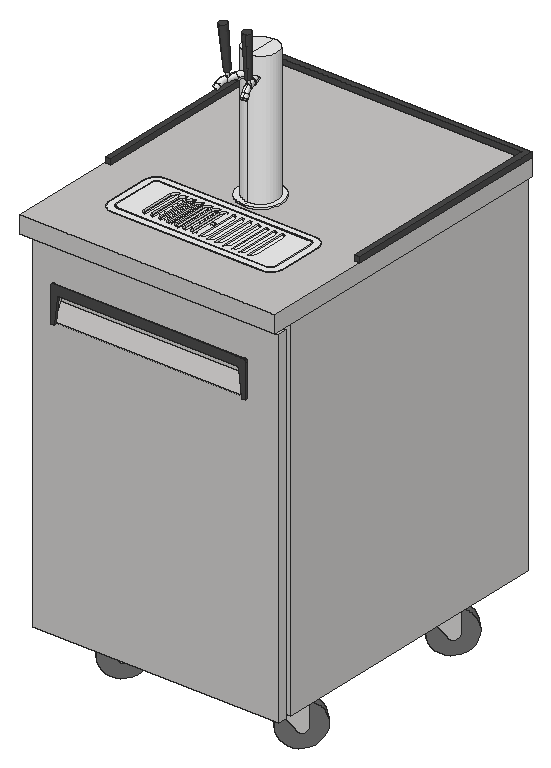
Revit family "QF_Turbo Air_TBD-1", category Specialty Equipment, Revit 2014
Parameters (values of type "TBD-1SD")
  Weight in Pounds = 198
  Watermarked By = ""
  Volts = 115 V
  URL Cutsheet = ""
  URL = "www.turboairinc.com"
  Status [instance] = ""
  Specification by User [instance] = ""
  Specification by Manufacturer [instance] = ""
  Serial Number [instance] = ""
  Right Hinge Door [instance] = yes
  Revision Code [instance] = ""
  Phase = 1
  Number of Poles [instance] = 1
  NAFEM Spec ID Number [instance] = ""
  Model = "TBD-1SD"
  Masterspec [instance] = ""
  Manufacturer = "Turbo Air"  # constant formula
  Left Hinge Door [instance] = not(Right Hinge Door)  # no
  Item Number [instance] = "-"
  Installed By [instance] = ""
  HP = "1/10"
  Furnished By [instance] = ""
  Foodservice Equipment Identifier = yes
  FL Amps = 4 A
  Electrical Remarks [instance] = ""
  Electric Connection Type [instance] = ""
  Elec Conn RI Height [instance] = 0' - 0"
  Elec Conn Connection Height = 0' - 6"
  Description = "Beer Dispenser"
  Cycle = 60 Hz
  Conn Plug = "NEMA 5-15P"
  Casters [instance] = yes
  CasterLeg Height [instance] = 0' - 5"
  CSI MasterFormat = "11 46 13"
  Body Material = QF_Stainless-Polished
  Assembly Code = "E1090320"
  Apparent Power = if(Phase = 3, Volts * FL Amps * 1.73, Volts * FL Amps)  # 460 VA
Reference planes (in)
  plane 1 "BACK": y = 0
  plane 2: z = 0
  plane 3 "LEFT": x = -16.56573
  plane 4 "RIGHT": x = 7.05927
  plane 5 "Base Left": x = -16.19073
  plane 6 "Base Right": x = 6.68427
  plane 7 "FRONT": y = -29.75
  plane 8 "Lower Back": y = 2.375
  plane 9 "Bumpers Back": y = 2
  plane 10 "Box Front": y = -27.375
  plane 11 "Beer Tower FB": y = -16.625
  plane 12 "Rail Front": y = -19.875
  plane 13 "Beer Tower LR": x = -4.75323
  plane 14 "Drain Left": x = -12.81573
  plane 15 "Drain Right": x = 3.30927
  plane 16 "Drain Back": y = -18.9375
  plane 17 "Drain Front": y = -25.25
  plane 18 "Box Bottom": z = 5
  plane 19 "Counter Top": z = 39.5
  plane 20 "Counter Bottom": z = 37.9375
  plane 21 "Rail Top": z = 40
  plane 22 "Door Clearance": y = -50.875
Forms (in)
  Extrusion 1, solid, material "QF_Stainless-Polished"
    sketch origin (0, 0, 37.9375) x (0, 1, 0) y (-1, 0, 0)
      loop
        line (0, 16.56573) -> (-29.75, 16.56573) -> (-29.75, -7.05927) -> (0, -7.05927) -> (0, 16.56573)
      loop
        arc (-18.9375, 11.62823) -> (-19.28531, 12.46791) -> (-20.125, 12.81573) r 1.1875
        line (-20.125, 12.81573) -> (-24.0625, 12.81573)
        arc (-24.0625, 12.81573) -> (-24.90219, 12.46791) -> (-25.25, 11.62823) r 1.1875
        line (-25.25, 11.62823) -> (-25.25, -2.12177)
        arc (-25.25, -2.12177) -> (-24.90219, -2.96146) -> (-24.0625, -3.30927) r 1.1875
        line (-24.0625, -3.30927) -> (-20.125, -3.30927)
        arc (-20.125, -3.30927) -> (-19.28531, -2.96146) -> (-18.9375, -2.12177) r 1.1875
        line (-18.9375, -2.12177) -> (-18.9375, 11.62823)
    from 0 to 1.5625
  Extrusion 2, solid, material "QF_Stainless-Polished" <- "Body Material"
    sketch origin (0, 0, 5) x (0, 1, 0) y (-1, 0, 0)
      loop
        line (0, 16.19073) -> (-27.375, 16.19073) -> (-27.375, -6.68427) -> (0, -6.68427) -> (0, 16.19073)
    from 0 to 32.9375
  Extrusion 3, solid, material "QF_Plastic-Black-Matte"
    sketch origin (0, 0, 39.5) x (0, 1, 0) y (-1, 0, 0)
      loop
        line (0, 16.56573) -> (-19.875, 16.56573) -> (-19.875, 16.06573) -> (-0.5, 16.06573) -> (-0.5, -6.55927) -> (-19.875, -6.55927) -> (-19.875, -7.05927) -> (0, -7.05927) -> (0, 16.56573)
    from 0 to 0.5
  Extrusion 4, solid, material "QF_Plastic-Black-Matte"
    sketch origin (-4.75323, 0, 0) x (0, 1, 0) y (0, 0, 1)
      loop
        line (0, 5) -> (-6.6875, 5) -> (-6.6875, 1.6875) -> (2.375, 1.6875) -> (2.375, 10.875) -> (0, 10.875) -> (0, 5)
    from -7 to 7
  Extrusion 5, solid, material "QF_Plastic-Black-Matte"
    sketch origin (0, 0, 0) x (1, 0, 0) y (0, 0, 1)
      loop
        circle (-10.56573, 35.5) r 0.5
      loop
        circle (1.05927, 35.5) r 0.5
    from 0 to -2
  Extrusion 6, solid, material "QF_Steel-Chrome Plated"
    sketch origin (0, 0, 39.5) x (0, 1, 0) y (-1, 0, 0)
      loop
        arc (-18.9375, 11.62823) -> (-19.28531, 12.46791) -> (-20.125, 12.81573) r 1.1875
        line (-20.125, 12.81573) -> (-24.0625, 12.81573)
        arc (-24.0625, 12.81573) -> (-24.90219, 12.46791) -> (-25.25, 11.62823) r 1.1875
        line (-25.25, 11.62823) -> (-25.25, -2.12177)
        arc (-25.25, -2.12177) -> (-24.90219, -2.96146) -> (-24.0625, -3.30927) r 1.1875
        line (-24.0625, -3.30927) -> (-20.125, -3.30927)
        arc (-20.125, -3.30927) -> (-19.28531, -2.96146) -> (-18.9375, -2.12177) r 1.1875
        line (-18.9375, -2.12177) -> (-18.9375, 11.62823)
      loop
        arc (-19.5625, 11.62823) -> (-19.72725, 12.02597) -> (-20.125, 12.19073) r 0.5625
        line (-20.125, 12.19073) -> (-24.0625, 12.19073)
        arc (-24.0625, 12.19073) -> (-24.46025, 12.02597) -> (-24.625, 11.62823) r 0.5625
        line (-24.625, 11.62823) -> (-24.625, -2.12177)
        arc (-24.625, -2.12177) -> (-24.46025, -2.51952) -> (-24.0625, -2.68427) r 0.5625
        line (-24.0625, -2.68427) -> (-20.125, -2.68427)
        arc (-20.125, -2.68427) -> (-19.72725, -2.51952) -> (-19.5625, -2.12177) r 0.5625
        line (-19.5625, -2.12177) -> (-19.5625, 11.62823)
    from 0 to -0.125
  Extrusion 7, solid, material "QF_Steel-Chrome Plated"
    sketch origin (0, 0, 39.5) x (0, 1, 0) y (-1, 0, 0)
      loop
        arc (-19.625, 11.62823) -> (-19.77145, 11.98178) -> (-20.125, 12.12823) r 0.5
        line (-20.125, 12.12823) -> (-24.0625, 12.12823)
        arc (-24.0625, 12.12823) -> (-24.41605, 11.98178) -> (-24.5625, 11.62823) r 0.5
        line (-24.5625, 11.62823) -> (-24.5625, -2.12177)
        arc (-24.5625, -2.12177) -> (-24.41605, -2.47533) -> (-24.0625, -2.62177) r 0.5
        line (-24.0625, -2.62177) -> (-20.125, -2.62177)
        arc (-20.125, -2.62177) -> (-19.77145, -2.47533) -> (-19.625, -2.12177) r 0.5
        line (-19.625, -2.12177) -> (-19.625, 11.62823)
      loop
        circle (-22.09375, 4.75323) r 0.1875
      loop
        arc (-24.09375, 4.50323) -> (-23.9473, 4.14967) -> (-23.59375, 4.00323) r 0.5
        line (-23.59375, 4.00323) -> (-20.59375, 4.00323)
        arc (-20.59375, 4.00323) -> (-20.2402, 4.14967) -> (-20.09375, 4.50323) r 0.5
        line (-20.09375, 4.50323) -> (-24.09375, 4.50323)
      loop
        arc (-24.09375, 3.75323) -> (-23.9473, 3.39967) -> (-23.59375, 3.25323) r 0.5
        line (-23.59375, 3.25323) -> (-20.59375, 3.25323)
        arc (-20.59375, 3.25323) -> (-20.2402, 3.39967) -> (-20.09375, 3.75323) r 0.5
        line (-20.09375, 3.75323) -> (-24.09375, 3.75323)
      loop
        arc (-24.09375, 3.00323) -> (-23.9473, 2.64967) -> (-23.59375, 2.50323) r 0.5
        line (-23.59375, 2.50323) -> (-20.59375, 2.50323)
        arc (-20.59375, 2.50323) -> (-20.2402, 2.64967) -> (-20.09375, 3.00323) r 0.5
        line (-20.09375, 3.00323) -> (-24.09375, 3.00323)
      loop
        arc (-24.09375, 2.25323) -> (-23.9473, 1.89967) -> (-23.59375, 1.75323) r 0.5
        line (-23.59375, 1.75323) -> (-20.59375, 1.75323)
        arc (-20.59375, 1.75323) -> (-20.2402, 1.89967) -> (-20.09375, 2.25323) r 0.5
        line (-20.09375, 2.25323) -> (-24.09375, 2.25323)
      loop
        arc (-24.09375, 1.50323) -> (-23.9473, 1.14967) -> (-23.59375, 1.00323) r 0.5
        line (-23.59375, 1.00323) -> (-20.59375, 1.00323)
        arc (-20.59375, 1.00323) -> (-20.2402, 1.14967) -> (-20.09375, 1.50323) r 0.5
        line (-20.09375, 1.50323) -> (-24.09375, 1.50323)
      loop
        arc (-24.09375, 0.75323) -> (-23.9473, 0.39967) -> (-23.59375, 0.25323) r 0.5
        line (-23.59375, 0.25323) -> (-20.59375, 0.25323)
        arc (-20.59375, 0.25323) -> (-20.2402, 0.39967) -> (-20.09375, 0.75323) r 0.5
        line (-20.09375, 0.75323) -> (-24.09375, 0.75323)
      loop
        arc (-24.09375, 0.00323) -> (-23.9473, -0.35033) -> (-23.59375, -0.49677) r 0.5
        line (-23.59375, -0.49677) -> (-20.59375, -0.49677)
        arc (-20.59375, -0.49677) -> (-20.2402, -0.35033) -> (-20.09375, 0.00323) r 0.5
        line (-20.09375, 0.00323) -> (-24.09375, 0.00323)
      loop
        line (-24.09375, 5.00323) -> (-20.09375, 5.00323)
        arc (-20.09375, 5.00323) -> (-20.2402, 5.35678) -> (-20.59375, 5.50323) r 0.5
        line (-20.59375, 5.50323) -> (-23.59375, 5.50323)
        arc (-23.59375, 5.50323) -> (-23.9473, 5.35678) -> (-24.09375, 5.00323) r 0.5
      loop
        line (-24.09375, 5.75323) -> (-20.09375, 5.75323)
        arc (-20.09375, 5.75323) -> (-20.2402, 6.10678) -> (-20.59375, 6.25323) r 0.5
        line (-20.59375, 6.25323) -> (-23.59375, 6.25323)
        arc (-23.59375, 6.25323) -> (-23.9473, 6.10678) -> (-24.09375, 5.75323) r 0.5
      loop
        line (-24.09375, 6.50323) -> (-20.09375, 6.50323)
        arc (-20.09375, 6.50323) -> (-20.2402, 6.85678) -> (-20.59375, 7.00323) r 0.5
        line (-20.59375, 7.00323) -> (-23.59375, 7.00323)
        arc (-23.59375, 7.00323) -> (-23.9473, 6.85678) -> (-24.09375, 6.50323) r 0.5
      loop
        line (-24.09375, 7.25323) -> (-20.09375, 7.25323)
        arc (-20.09375, 7.25323) -> (-20.2402, 7.60678) -> (-20.59375, 7.75323) r 0.5
        line (-20.59375, 7.75323) -> (-23.59375, 7.75323)
        arc (-23.59375, 7.75323) -> (-23.9473, 7.60678) -> (-24.09375, 7.25323) r 0.5
      loop
        line (-24.09375, 8.00323) -> (-20.09375, 8.00323)
        arc (-20.09375, 8.00323) -> (-20.2402, 8.35678) -> (-20.59375, 8.50323) r 0.5
        line (-20.59375, 8.50323) -> (-23.59375, 8.50323)
        arc (-23.59375, 8.50323) -> (-23.9473, 8.35678) -> (-24.09375, 8.00323) r 0.5
      loop
        line (-24.09375, 8.75323) -> (-20.09375, 8.75323)
        arc (-20.09375, 8.75323) -> (-20.2402, 9.10678) -> (-20.59375, 9.25323) r 0.5
        line (-20.59375, 9.25323) -> (-23.59375, 9.25323)
        arc (-23.59375, 9.25323) -> (-23.9473, 9.10678) -> (-24.09375, 8.75323) r 0.5
      loop
        line (-24.09375, 9.50323) -> (-20.09375, 9.50323)
        arc (-20.09375, 9.50323) -> (-20.2402, 9.85678) -> (-20.59375, 10.00323) r 0.5
        line (-20.59375, 10.00323) -> (-23.59375, 10.00323)
        arc (-23.59375, 10.00323) -> (-23.9473, 9.85678) -> (-24.09375, 9.50323) r 0.5
    from 0 to -0.125
  Extrusion 8, solid, material "QF_Steel-Chrome Plated"
    sketch origin (-0.22883, 0, 37.95227) x (0, 1, 0) y (-0.939693, 0, 0.34202)
      loop
        line (-20.09432, 4.56363) -> (-24.09318, 4.56363)
        arc (-24.09318, 4.56363) -> (-23.94406, 4.20362) -> (-23.58405, 4.0545) r 0.50913
        line (-23.58405, 4.0545) -> (-20.60345, 4.0545)
        arc (-20.60345, 4.0545) -> (-20.24344, 4.20362) -> (-20.09432, 4.56363) r 0.50913
    from -0.0625 to -0.125
  Extrusion 9, solid, material "QF_Steel-Chrome Plated"
    sketch origin (0.52117, 0, 37.95227) x (0, 1, 0) y (-0.939693, 0, 0.34202)
      loop
        line (-20.09432, 4.56363) -> (-24.09318, 4.56363)
        arc (-24.09318, 4.56363) -> (-23.94406, 4.20362) -> (-23.58405, 4.0545) r 0.50913
        line (-23.58405, 4.0545) -> (-20.60345, 4.0545)
        arc (-20.60345, 4.0545) -> (-20.24344, 4.20362) -> (-20.09432, 4.56363) r 0.50913
    from -0.0625 to -0.125
  Extrusion 10, solid, material "QF_Steel-Chrome Plated"
    sketch origin (1.27117, 0, 37.95227) x (0, 1, 0) y (-0.939693, 0, 0.34202)
      loop
        line (-20.09432, 4.56363) -> (-24.09318, 4.56363)
        arc (-24.09318, 4.56363) -> (-23.94406, 4.20362) -> (-23.58405, 4.0545) r 0.50913
        line (-23.58405, 4.0545) -> (-20.60345, 4.0545)
        arc (-20.60345, 4.0545) -> (-20.24344, 4.20362) -> (-20.09432, 4.56363) r 0.50913
    from -0.0625 to -0.125
  Extrusion 11, solid, material "QF_Steel-Chrome Plated"
    sketch origin (2.02117, 0, 37.95227) x (0, 1, 0) y (-0.939693, 0, 0.34202)
      loop
        line (-20.09432, 4.56363) -> (-24.09318, 4.56363)
        arc (-24.09318, 4.56363) -> (-23.94406, 4.20362) -> (-23.58405, 4.0545) r 0.50913
        line (-23.58405, 4.0545) -> (-20.60345, 4.0545)
        arc (-20.60345, 4.0545) -> (-20.24344, 4.20362) -> (-20.09432, 4.56363) r 0.50913
    from -0.0625 to -0.125
  Extrusion 12, solid, material "QF_Steel-Chrome Plated"
    sketch origin (2.77117, 0, 37.95227) x (0, 1, 0) y (-0.939693, 0, 0.34202)
      loop
        line (-20.09432, 4.56363) -> (-24.09318, 4.56363)
        arc (-24.09318, 4.56363) -> (-23.94406, 4.20362) -> (-23.58405, 4.0545) r 0.50913
        line (-23.58405, 4.0545) -> (-20.60345, 4.0545)
        arc (-20.60345, 4.0545) -> (-20.24344, 4.20362) -> (-20.09432, 4.56363) r 0.50913
    from -0.0625 to -0.125
  Extrusion 13, solid, material "QF_Steel-Chrome Plated"
    sketch origin (3.52117, 0, 37.95227) x (0, 1, 0) y (-0.939693, 0, 0.34202)
      loop
        line (-20.09432, 4.56363) -> (-24.09318, 4.56363)
        arc (-24.09318, 4.56363) -> (-23.94406, 4.20362) -> (-23.58405, 4.0545) r 0.50913
        line (-23.58405, 4.0545) -> (-20.60345, 4.0545)
        arc (-20.60345, 4.0545) -> (-20.24344, 4.20362) -> (-20.09432, 4.56363) r 0.50913
    from -0.0625 to -0.125
  Extrusion 14, solid, material "QF_Steel-Chrome Plated"
    sketch origin (4.27117, 0, 37.95227) x (0, 1, 0) y (-0.939693, 0, 0.34202)
      loop
        line (-20.09432, 4.56363) -> (-24.09318, 4.56363)
        arc (-24.09318, 4.56363) -> (-23.94406, 4.20362) -> (-23.58405, 4.0545) r 0.50913
        line (-23.58405, 4.0545) -> (-20.60345, 4.0545)
        arc (-20.60345, 4.0545) -> (-20.24344, 4.20362) -> (-20.09432, 4.56363) r 0.50913
    from -0.0625 to -0.125
  Extrusion 15, solid, material "QF_Steel-Chrome Plated"
    sketch origin (-9.27763, 0, 37.95227) x (0, 1, 0) y (-0.939693, 0, -0.34202)
      loop
        arc (-20.09432, -4.56363) -> (-20.24344, -4.20362) -> (-20.60345, -4.0545) r 0.50913
        line (-20.60345, -4.0545) -> (-23.58405, -4.0545)
        arc (-23.58405, -4.0545) -> (-23.94406, -4.20362) -> (-24.09318, -4.56363) r 0.50913
        line (-24.09318, -4.56363) -> (-20.09432, -4.56363)
    from -0.0625 to -0.125
  Extrusion 16, solid, material "QF_Steel-Chrome Plated"
    sketch origin (-10.02763, 0, 37.95227) x (0, 1, 0) y (-0.939693, 0, -0.34202)
      loop
        arc (-20.09432, -4.56363) -> (-20.24344, -4.20362) -> (-20.60345, -4.0545) r 0.50913
        line (-20.60345, -4.0545) -> (-23.58405, -4.0545)
        arc (-23.58405, -4.0545) -> (-23.94406, -4.20362) -> (-24.09318, -4.56363) r 0.50913
        line (-24.09318, -4.56363) -> (-20.09432, -4.56363)
    from -0.0625 to -0.125
  Extrusion 17, solid, material "QF_Steel-Chrome Plated"
    sketch origin (-10.77763, 0, 37.95227) x (0, 1, 0) y (-0.939693, 0, -0.34202)
      loop
        arc (-20.09432, -4.56363) -> (-20.24344, -4.20362) -> (-20.60345, -4.0545) r 0.50913
        line (-20.60345, -4.0545) -> (-23.58405, -4.0545)
        arc (-23.58405, -4.0545) -> (-23.94406, -4.20362) -> (-24.09318, -4.56363) r 0.50913
        line (-24.09318, -4.56363) -> (-20.09432, -4.56363)
    from -0.0625 to -0.125
  Extrusion 18, solid, material "QF_Steel-Chrome Plated"
    sketch origin (-11.52763, 0, 37.95227) x (0, 1, 0) y (-0.939693, 0, -0.34202)
      loop
        arc (-20.09432, -4.56363) -> (-20.24344, -4.20362) -> (-20.60345, -4.0545) r 0.50913
        line (-20.60345, -4.0545) -> (-23.58405, -4.0545)
        arc (-23.58405, -4.0545) -> (-23.94406, -4.20362) -> (-24.09318, -4.56363) r 0.50913
        line (-24.09318, -4.56363) -> (-20.09432, -4.56363)
    from -0.0625 to -0.125
  Extrusion 19, solid, material "QF_Steel-Chrome Plated"
    sketch origin (-12.27763, 0, 37.95227) x (0, 1, 0) y (-0.939693, 0, -0.34202)
      loop
        arc (-20.09432, -4.56363) -> (-20.24344, -4.20362) -> (-20.60345, -4.0545) r 0.50913
        line (-20.60345, -4.0545) -> (-23.58405, -4.0545)
        arc (-23.58405, -4.0545) -> (-23.94406, -4.20362) -> (-24.09318, -4.56363) r 0.50913
        line (-24.09318, -4.56363) -> (-20.09432, -4.56363)
    from -0.0625 to -0.125
  Extrusion 20, solid, material "QF_Steel-Chrome Plated"
    sketch origin (-13.02763, 0, 37.95227) x (0, 1, 0) y (-0.939693, 0, -0.34202)
      loop
        arc (-20.09432, -4.56363) -> (-20.24344, -4.20362) -> (-20.60345, -4.0545) r 0.50913
        line (-20.60345, -4.0545) -> (-23.58405, -4.0545)
        arc (-23.58405, -4.0545) -> (-23.94406, -4.20362) -> (-24.09318, -4.56363) r 0.50913
        line (-24.09318, -4.56363) -> (-20.09432, -4.56363)
    from -0.0625 to -0.125
  Extrusion 21, solid, material "QF_Steel-Chrome Plated"
    sketch origin (-13.77763, 0, 37.95227) x (0, 1, 0) y (-0.939693, 0, -0.34202)
      loop
        arc (-20.09432, -4.56363) -> (-20.24344, -4.20362) -> (-20.60345, -4.0545) r 0.50913
        line (-20.60345, -4.0545) -> (-23.58405, -4.0545)
        arc (-23.58405, -4.0545) -> (-23.94406, -4.20362) -> (-24.09318, -4.56363) r 0.50913
        line (-24.09318, -4.56363) -> (-20.09432, -4.56363)
    from -0.0625 to -0.125
  Extrusion 22, solid, material "QF_Steel-Chrome Plated", not visible
    sketch origin (-0.22883, 0, 37.95227) x (0, 1, 0) y (-0.939693, 0, 0.34202)
      loop
        line (-20.09432, 4.56363) -> (-24.09318, 4.56363)
        arc (-24.09318, 4.56363) -> (-23.94406, 4.20362) -> (-23.58405, 4.0545) r 0.50913
        line (-23.58405, 4.0545) -> (-20.60345, 4.0545)
        arc (-20.60345, 4.0545) -> (-20.24344, 4.20362) -> (-20.09432, 4.56363) r 0.50913
    from -0.0625 to -0.125
  Extrusion 23, solid, material "QF_Steel-Chrome Plated", not visible
    sketch origin (0.52117, 0, 37.95227) x (0, 1, 0) y (-0.939693, 0, 0.34202)
      loop
        line (-20.09432, 4.56363) -> (-24.09318, 4.56363)
        arc (-24.09318, 4.56363) -> (-23.94406, 4.20362) -> (-23.58405, 4.0545) r 0.50913
        line (-23.58405, 4.0545) -> (-20.60345, 4.0545)
        arc (-20.60345, 4.0545) -> (-20.24344, 4.20362) -> (-20.09432, 4.56363) r 0.50913
    from -0.0625 to -0.125
  Extrusion 24, solid, material "QF_Steel-Chrome Plated", not visible
    sketch origin (1.27117, 0, 37.95227) x (0, 1, 0) y (-0.939693, 0, 0.34202)
      loop
        line (-20.09432, 4.56363) -> (-24.09318, 4.56363)
        arc (-24.09318, 4.56363) -> (-23.94406, 4.20362) -> (-23.58405, 4.0545) r 0.50913
        line (-23.58405, 4.0545) -> (-20.60345, 4.0545)
        arc (-20.60345, 4.0545) -> (-20.24344, 4.20362) -> (-20.09432, 4.56363) r 0.50913
    from -0.0625 to -0.125
  Extrusion 25, solid, material "QF_Steel-Chrome Plated", not visible
    sketch origin (2.02117, 0, 37.95227) x (0, 1, 0) y (-0.939693, 0, 0.34202)
      loop
        line (-20.09432, 4.56363) -> (-24.09318, 4.56363)
        arc (-24.09318, 4.56363) -> (-23.94406, 4.20362) -> (-23.58405, 4.0545) r 0.50913
        line (-23.58405, 4.0545) -> (-20.60345, 4.0545)
        arc (-20.60345, 4.0545) -> (-20.24344, 4.20362) -> (-20.09432, 4.56363) r 0.50913
    from -0.0625 to -0.125
  Extrusion 26, solid, material "QF_Steel-Chrome Plated", not visible
    sketch origin (2.77117, 0, 37.95227) x (0, 1, 0) y (-0.939693, 0, 0.34202)
      loop
        line (-20.09432, 4.56363) -> (-24.09318, 4.56363)
        arc (-24.09318, 4.56363) -> (-23.94406, 4.20362) -> (-23.58405, 4.0545) r 0.50913
        line (-23.58405, 4.0545) -> (-20.60345, 4.0545)
        arc (-20.60345, 4.0545) -> (-20.24344, 4.20362) -> (-20.09432, 4.56363) r 0.50913
    from -0.0625 to -0.125
  Extrusion 27, solid, material "QF_Steel-Chrome Plated", not visible
    sketch origin (3.52117, 0, 37.95227) x (0, 1, 0) y (-0.939693, 0, 0.34202)
      loop
        line (-20.09432, 4.56363) -> (-24.09318, 4.56363)
        arc (-24.09318, 4.56363) -> (-23.94406, 4.20362) -> (-23.58405, 4.0545) r 0.50913
        line (-23.58405, 4.0545) -> (-20.60345, 4.0545)
        arc (-20.60345, 4.0545) -> (-20.24344, 4.20362) -> (-20.09432, 4.56363) r 0.50913
    from -0.0625 to -0.125
  Extrusion 28, solid, material "QF_Steel-Chrome Plated", not visible
    sketch origin (4.27117, 0, 37.95227) x (0, 1, 0) y (-0.939693, 0, 0.34202)
      loop
        line (-20.09432, 4.56363) -> (-24.09318, 4.56363)
        arc (-24.09318, 4.56363) -> (-23.94406, 4.20362) -> (-23.58405, 4.0545) r 0.50913
        line (-23.58405, 4.0545) -> (-20.60345, 4.0545)
        arc (-20.60345, 4.0545) -> (-20.24344, 4.20362) -> (-20.09432, 4.56363) r 0.50913
    from -0.0625 to -0.125
  Extrusion 29, solid, material "QF_Steel-Chrome Plated", not visible
    sketch origin (-9.27763, 0, 37.95227) x (0, 1, 0) y (-0.939693, 0, -0.34202)
      loop
        arc (-20.09432, -4.56363) -> (-20.24344, -4.20362) -> (-20.60345, -4.0545) r 0.50913
        line (-20.60345, -4.0545) -> (-23.58405, -4.0545)
        arc (-23.58405, -4.0545) -> (-23.94406, -4.20362) -> (-24.09318, -4.56363) r 0.50913
        line (-24.09318, -4.56363) -> (-20.09432, -4.56363)
    from -0.0625 to -0.125
  Extrusion 30, solid, material "QF_Steel-Chrome Plated", not visible
    sketch origin (-10.02763, 0, 37.95227) x (0, 1, 0) y (-0.939693, 0, -0.34202)
      loop
        arc (-20.09432, -4.56363) -> (-20.24344, -4.20362) -> (-20.60345, -4.0545) r 0.50913
        line (-20.60345, -4.0545) -> (-23.58405, -4.0545)
        arc (-23.58405, -4.0545) -> (-23.94406, -4.20362) -> (-24.09318, -4.56363) r 0.50913
        line (-24.09318, -4.56363) -> (-20.09432, -4.56363)
    from -0.0625 to -0.125
  Extrusion 31, solid, material "QF_Steel-Chrome Plated", not visible
    sketch origin (-10.77763, 0, 37.95227) x (0, 1, 0) y (-0.939693, 0, -0.34202)
      loop
        arc (-20.09432, -4.56363) -> (-20.24344, -4.20362) -> (-20.60345, -4.0545) r 0.50913
        line (-20.60345, -4.0545) -> (-23.58405, -4.0545)
        arc (-23.58405, -4.0545) -> (-23.94406, -4.20362) -> (-24.09318, -4.56363) r 0.50913
        line (-24.09318, -4.56363) -> (-20.09432, -4.56363)
    from -0.0625 to -0.125
  Extrusion 32, solid, material "QF_Steel-Chrome Plated", not visible
    sketch origin (-11.52763, 0, 37.95227) x (0, 1, 0) y (-0.939693, 0, -0.34202)
      loop
        arc (-20.09432, -4.56363) -> (-20.24344, -4.20362) -> (-20.60345, -4.0545) r 0.50913
        line (-20.60345, -4.0545) -> (-23.58405, -4.0545)
        arc (-23.58405, -4.0545) -> (-23.94406, -4.20362) -> (-24.09318, -4.56363) r 0.50913
        line (-24.09318, -4.56363) -> (-20.09432, -4.56363)
    from -0.0625 to -0.125
  Extrusion 33, solid, material "QF_Steel-Chrome Plated", not visible
    sketch origin (-12.27763, 0, 37.95227) x (0, 1, 0) y (-0.939693, 0, -0.34202)
      loop
        arc (-20.09432, -4.56363) -> (-20.24344, -4.20362) -> (-20.60345, -4.0545) r 0.50913
        line (-20.60345, -4.0545) -> (-23.58405, -4.0545)
        arc (-23.58405, -4.0545) -> (-23.94406, -4.20362) -> (-24.09318, -4.56363) r 0.50913
        line (-24.09318, -4.56363) -> (-20.09432, -4.56363)
    from -0.0625 to -0.125
  Extrusion 34, solid, material "QF_Steel-Chrome Plated", not visible
    sketch origin (-13.02763, 0, 37.95227) x (0, 1, 0) y (-0.939693, 0, -0.34202)
      loop
        arc (-20.09432, -4.56363) -> (-20.24344, -4.20362) -> (-20.60345, -4.0545) r 0.50913
        line (-20.60345, -4.0545) -> (-23.58405, -4.0545)
        arc (-23.58405, -4.0545) -> (-23.94406, -4.20362) -> (-24.09318, -4.56363) r 0.50913
        line (-24.09318, -4.56363) -> (-20.09432, -4.56363)
    from -0.0625 to -0.125
  Extrusion 35, solid, material "QF_Steel-Chrome Plated", not visible
    sketch origin (-13.77763, 0, 37.95227) x (0, 1, 0) y (-0.939693, 0, -0.34202)
      loop
        arc (-20.09432, -4.56363) -> (-20.24344, -4.20362) -> (-20.60345, -4.0545) r 0.50913
        line (-20.60345, -4.0545) -> (-23.58405, -4.0545)
        arc (-23.58405, -4.0545) -> (-23.94406, -4.20362) -> (-24.09318, -4.56363) r 0.50913
        line (-24.09318, -4.56363) -> (-20.09432, -4.56363)
    from -0.0625 to -0.125
  Extrusion 36, solid, material "QF_Clearance", visible <- "Left Hinge Door", detail levels coarse+medium
    sketch origin (0, 0, 5) x (0, 1, 0) y (-1, 0, 0)
      loop
        line (-28.8125, 16.19073) -> (-50.875, 16.19073)
        arc (-50.875, 16.19073) -> (-44.43192, 0.32636) -> (-28.8125, -6.68971) r 23
        line (-28.8125, -6.68971) -> (-28.8125, 16.19073)
    from 0 to 32.3125
  Extrusion 37, solid, material "QF_Clearance", visible <- "Right Hinge Door", detail levels coarse+medium
    sketch origin (-9.50645, 0, 5) x (0, 1, 0) y (-1, 0, 0)
      loop
        line (-28.8125, -16.19073) -> (-28.8125, 6.68971)
        arc (-28.8125, 6.68971) -> (-44.43192, -0.32636) -> (-50.875, -16.19073) r 23
        line (-50.875, -16.19073) -> (-28.8125, -16.19073)
    from 0 to 32.3125
Lines and regions (in)
  symbolic lines
    curve 1: line (-16.56573, 0, 39.5) -> (7.05927, 0, 39.5)
    curve 2: line (-16.56573, -29.75, 39.5) -> (-16.56573, 0, 39.5)
    curve 3: line (7.05927, -29.75, 39.5) -> (-16.56573, -29.75, 39.5)
    curve 4: line (7.05927, 0, 39.5) -> (7.05927, -29.75, 39.5)
    curve 5: line (-11.75323, 0, 39.5) -> (-11.75323, 2.375, 39.5)
    curve 6: line (-11.75323, 2.375, 39.5) -> (2.24677, 2.375, 39.5)
    curve 7: line (2.24677, 2.375, 39.5) -> (2.24677, 0, 39.5)
    curve 8: line (-11.06573, 2, 39.5) -> (-10.06573, 2, 39.5)
    curve 9: line (0.55927, 2, 39.5) -> (1.55927, 2, 39.5)
    curve 10: line (1.55927, 2, 39.5) -> (1.55927, 0, 39.5)
    curve 11: line (0.55927, 2, 39.5) -> (0.55927, 0, 39.5)
    curve 12: line (-10.06573, 2, 39.5) -> (-10.06573, 0, 39.5)
    curve 13: line (-11.06573, 2, 39.5) -> (-11.06573, 0, 39.5)
    curve 14: line (-16.56573, -19.875, 39.5) -> (-16.06573, -19.875, 39.5)
    curve 15: line (-16.06573, -19.875, 39.5) -> (-16.06573, -0.5, 39.5)
    curve 16: line (-16.06573, -0.5, 39.5) -> (6.55927, -0.5, 39.5)
    curve 17: line (6.55927, -0.5, 39.5) -> (6.55927, -19.875, 39.5)
    curve 18: line (6.55927, -19.875, 39.5) -> (7.05927, -19.875, 39.5)
  symbolic lines, style "QF_Details_Surface"
    curve 19: line (2.12177, -18.9375, 39.5) -> (-11.62823, -18.9375, 39.5)
    curve 20: arc (-11.62823, -18.9375, 39.5) -> (-12.46791, -19.28531, 39.5) -> (-12.81573, -20.125, 39.5) r 1.1875
    curve 21: line (-12.81573, -20.125, 39.5) -> (-12.81573, -24.0625, 39.5)
    curve 22: arc (3.30927, -20.125, 39.5) -> (2.96146, -19.28531, 39.5) -> (2.12177, -18.9375, 39.5) r 1.1875
    curve 23: line (3.30927, -24.0625, 39.5) -> (3.30927, -20.125, 39.5)
    curve 24: arc (2.12177, -25.25, 39.5) -> (2.96146, -24.90219, 39.5) -> (3.30927, -24.0625, 39.5) r 1.1875
    curve 25: line (-11.62823, -25.25, 39.5) -> (2.12177, -25.25, 39.5)
    curve 26: arc (-12.81573, -24.0625, 39.5) -> (-12.46791, -24.90219, 39.5) -> (-11.62823, -25.25, 39.5) r 1.1875
    curve 27: arc (-11.62823, -24.625, 39.5) -> (-12.02597, -24.46025, 39.5) -> (-12.19073, -24.0625, 39.5) r 0.5625
    curve 28: line (-12.19073, -24.0625, 39.5) -> (-12.19073, -20.125, 39.5)
    curve 29: arc (-12.19073, -20.125, 39.5) -> (-12.02597, -19.72725, 39.5) -> (-11.62823, -19.5625, 39.5) r 0.5625
    curve 30: line (-11.62823, -19.5625, 39.5) -> (2.12177, -19.5625, 39.5)
    curve 31: line (-10.00323, -23.59375, 39.5) -> (-10.00323, -20.59375, 39.5)
    curve 32: arc (-10.00323, -20.59375, 39.5) -> (-9.85678, -20.2402, 39.5) -> (-9.50323, -20.09375, 39.5) r 0.5
    curve 33: line (-9.50323, -20.09375, 39.5) -> (-9.50323, -24.09375, 39.5)
    curve 34: arc (-9.50323, -24.09375, 39.5) -> (-9.85678, -23.9473, 39.5) -> (-10.00323, -23.59375, 39.5) r 0.5
    curve 35: arc (2.12177, -19.5625, 39.5) -> (2.51952, -19.72725, 39.5) -> (2.68427, -20.125, 39.5) r 0.5625
    curve 36: line (2.68427, -20.125, 39.5) -> (2.68427, -24.0625, 39.5)
    curve 37: arc (2.68427, -24.0625, 39.5) -> (2.51952, -24.46025, 39.5) -> (2.12177, -24.625, 39.5) r 0.5625
    curve 38: line (2.12177, -24.625, 39.5) -> (-11.62823, -24.625, 39.5)
    curve 39: line (-9.25323, -23.59375, 39.5) -> (-9.25323, -20.59375, 39.5)
    curve 40: arc (-9.25323, -20.59375, 39.5) -> (-9.10678, -20.2402, 39.5) -> (-8.75323, -20.09375, 39.5) r 0.5
    curve 41: line (-8.75323, -20.09375, 39.5) -> (-8.75323, -24.09375, 39.5)
    curve 42: arc (-8.75323, -24.09375, 39.5) -> (-9.10678, -23.9473, 39.5) -> (-9.25323, -23.59375, 39.5) r 0.5
    curve 43: line (-8.50323, -23.59375, 39.5) -> (-8.50323, -20.59375, 39.5)
    curve 44: arc (-8.50323, -20.59375, 39.5) -> (-8.35678, -20.2402, 39.5) -> (-8.00323, -20.09375, 39.5) r 0.5
    curve 45: line (-8.00323, -20.09375, 39.5) -> (-8.00323, -24.09375, 39.5)
    curve 46: arc (-8.00323, -24.09375, 39.5) -> (-8.35678, -23.9473, 39.5) -> (-8.50323, -23.59375, 39.5) r 0.5
    curve 47: line (-7.75323, -23.59375, 39.5) -> (-7.75323, -20.59375, 39.5)
    curve 48: arc (-7.75323, -20.59375, 39.5) -> (-7.60678, -20.2402, 39.5) -> (-7.25323, -20.09375, 39.5) r 0.5
    curve 49: line (-7.25323, -20.09375, 39.5) -> (-7.25323, -24.09375, 39.5)
    curve 50: arc (-7.25323, -24.09375, 39.5) -> (-7.60678, -23.9473, 39.5) -> (-7.75323, -23.59375, 39.5) r 0.5
    curve 51: line (-7.00323, -23.59375, 39.5) -> (-7.00323, -20.59375, 39.5)
    curve 52: arc (-7.00323, -20.59375, 39.5) -> (-6.85678, -20.2402, 39.5) -> (-6.50323, -20.09375, 39.5) r 0.5
    curve 53: line (-6.50323, -20.09375, 39.5) -> (-6.50323, -24.09375, 39.5)
    curve 54: arc (-6.50323, -24.09375, 39.5) -> (-6.85678, -23.9473, 39.5) -> (-7.00323, -23.59375, 39.5) r 0.5
    curve 55: line (-6.25323, -23.59375, 39.5) -> (-6.25323, -20.59375, 39.5)
    curve 56: arc (-6.25323, -20.59375, 39.5) -> (-6.10678, -20.2402, 39.5) -> (-5.75323, -20.09375, 39.5) r 0.5
    curve 57: line (-5.75323, -20.09375, 39.5) -> (-5.75323, -24.09375, 39.5)
    curve 58: arc (-5.75323, -24.09375, 39.5) -> (-6.10678, -23.9473, 39.5) -> (-6.25323, -23.59375, 39.5) r 0.5
    curve 59: line (-5.50323, -23.59375, 39.5) -> (-5.50323, -20.59375, 39.5)
    curve 60: arc (-5.50323, -20.59375, 39.5) -> (-5.35678, -20.2402, 39.5) -> (-5.00323, -20.09375, 39.5) r 0.5
    curve 61: line (-5.00323, -20.09375, 39.5) -> (-5.00323, -24.09375, 39.5)
    curve 62: arc (-5.00323, -24.09375, 39.5) -> (-5.35678, -23.9473, 39.5) -> (-5.50323, -23.59375, 39.5) r 0.5
    curve 63: line (-4.00323, -23.59375, 39.5) -> (-4.00323, -20.59375, 39.5)
    curve 64: arc (-4.00323, -20.59375, 39.5) -> (-4.14967, -20.2402, 39.5) -> (-4.50323, -20.09375, 39.5) r 0.5
    curve 65: line (-4.50323, -20.09375, 39.5) -> (-4.50323, -24.09375, 39.5)
    curve 66: arc (-4.50323, -24.09375, 39.5) -> (-4.14967, -23.9473, 39.5) -> (-4.00323, -23.59375, 39.5) r 0.5
    curve 67: line (-3.25323, -23.59375, 39.5) -> (-3.25323, -20.59375, 39.5)
    curve 68: arc (-3.25323, -20.59375, 39.5) -> (-3.39967, -20.2402, 39.5) -> (-3.75323, -20.09375, 39.5) r 0.5
    curve 69: line (-3.75323, -20.09375, 39.5) -> (-3.75323, -24.09375, 39.5)
    curve 70: arc (-3.75323, -24.09375, 39.5) -> (-3.39967, -23.9473, 39.5) -> (-3.25323, -23.59375, 39.5) r 0.5
    curve 71: line (-2.50323, -23.59375, 39.5) -> (-2.50323, -20.59375, 39.5)
    curve 72: arc (-2.50323, -20.59375, 39.5) -> (-2.64967, -20.2402, 39.5) -> (-3.00323, -20.09375, 39.5) r 0.5
    curve 73: line (-3.00323, -20.09375, 39.5) -> (-3.00323, -24.09375, 39.5)
    curve 74: arc (-3.00323, -24.09375, 39.5) -> (-2.64967, -23.9473, 39.5) -> (-2.50323, -23.59375, 39.5) r 0.5
    curve 75: line (-1.75323, -23.59375, 39.5) -> (-1.75323, -20.59375, 39.5)
    curve 76: arc (-1.75323, -20.59375, 39.5) -> (-1.89967, -20.2402, 39.5) -> (-2.25323, -20.09375, 39.5) r 0.5
    curve 77: line (-2.25323, -20.09375, 39.5) -> (-2.25323, -24.09375, 39.5)
    curve 78: arc (-2.25323, -24.09375, 39.5) -> (-1.89967, -23.9473, 39.5) -> (-1.75323, -23.59375, 39.5) r 0.5
    curve 79: line (-1.00323, -23.59375, 39.5) -> (-1.00323, -20.59375, 39.5)
    curve 80: arc (-1.00323, -20.59375, 39.5) -> (-1.14967, -20.2402, 39.5) -> (-1.50323, -20.09375, 39.5) r 0.5
    curve 81: line (-1.50323, -20.09375, 39.5) -> (-1.50323, -24.09375, 39.5)
    curve 82: arc (-1.50323, -24.09375, 39.5) -> (-1.14967, -23.9473, 39.5) -> (-1.00323, -23.59375, 39.5) r 0.5
    curve 83: line (-0.25323, -23.59375, 39.5) -> (-0.25323, -20.59375, 39.5)
    curve 84: arc (-0.25323, -20.59375, 39.5) -> (-0.39967, -20.2402, 39.5) -> (-0.75323, -20.09375, 39.5) r 0.5
    curve 85: line (-0.75323, -20.09375, 39.5) -> (-0.75323, -24.09375, 39.5)
    curve 86: arc (-0.75323, -24.09375, 39.5) -> (-0.39967, -23.9473, 39.5) -> (-0.25323, -23.59375, 39.5) r 0.5
    curve 87: line (0.49677, -23.59375, 39.5) -> (0.49677, -20.59375, 39.5)
    curve 88: arc (0.49677, -20.59375, 39.5) -> (0.35033, -20.2402, 39.5) -> (-0.00323, -20.09375, 39.5) r 0.5
    curve 89: line (-0.00323, -20.09375, 39.5) -> (-0.00323, -24.09375, 39.5)
    curve 90: arc (-0.00323, -24.09375, 39.5) -> (0.35033, -23.9473, 39.5) -> (0.49677, -23.59375, 39.5) r 0.5
    curve 91: arc (-4.75323, -22.28125, 39.5) -> (-4.94073, -22.09375, 39.5) -> (-4.75323, -21.90625, 39.5) r 0.1875
    curve 92: arc (-4.75323, -21.90625, 39.5) -> (-4.56573, -22.09375, 39.5) -> (-4.75323, -22.28125, 39.5) r 0.1875
  symbolic lines, style "QF_Clearances_Door_Drawer", visible <- "Left Hinge Door", detail levels coarse+medium
    curve 93: line (-16.19073, -29.75, 39.5) -> (-16.19073, -50.875, 39.5)
    curve 94: arc (-16.19073, -50.875, 39.5) -> (-0.66775, -44.75445, 39.5) -> (6.63228, -29.75, 39.5) r 23
  symbolic lines, style "QF_Clearances_Door_Drawer", visible <- "Right Hinge Door", detail levels coarse+medium
    curve 95: line (6.68427, -29.75, 39.5) -> (6.68427, -50.875, 39.5)
    curve 96: arc (6.68427, -50.875, 39.5) -> (-8.8387, -44.75445, 39.5) -> (-16.13873, -29.75, 39.5) r 23
Dimensions and locks (in)
  locked: plane 4 "RIGHT" to plane 3 "LEFT" at 23.625
  locked: plane 3 "LEFT" to plane 5 "Base Left" at 0.375
  locked: plane 6 "Base Right" to plane 4 "RIGHT" at 0.375
  locked: plane 7 "FRONT" to plane 1 "BACK" at 29.75
  locked: plane 1 "BACK" to plane 8 "Lower Back" at 2.375
  locked: plane 1 "BACK" to plane 9 "Bumpers Back" at 2
  locked: plane 7 "FRONT" to plane 10 "Box Front" at 2.375
  locked: plane 7 "FRONT" to plane 11 "Beer Tower FB" at 13.125
  locked: plane 12 "Rail Front" to plane 1 "BACK" at 19.875
  equal spacing: plane 3 "LEFT", plane 13 "Beer Tower LR", plane 4 "RIGHT"
  plane 14 "Drain Left" to plane 13 "Beer Tower LR" to plane 15 "Drain Right" = 0' - 8 1/16" locked, 0' - 8 1/16" locked
  locked: plane 16 "Drain Back" to plane 11 "Beer Tower FB" at 2.3125
  locked: plane 17 "Drain Front" to plane 16 "Drain Back" at 6.3125
  "CasterLeg Height": plane 18 "Box Bottom" to plane 2
  locked: plane 19 "Counter Top" to plane 18 "Box Bottom" at 34.5
  locked: plane 19 "Counter Top" to plane 20 "Counter Bottom" at 1.5625
  locked: plane 21 "Rail Top" to plane 19 "Counter Top" at 0.5
  locked: Extrusion 3 sketch curve to plane 1 "BACK" at 0.5
  locked: plane 3 "LEFT" to Extrusion 3 sketch curve at 0.5
  locked: Extrusion 3 sketch curve to plane 4 "RIGHT" at 0.5
  locked: nested 2 to plane 1 "BACK" at 6.6875
  locked: plane 3 "LEFT" to nested 2 at 3.5625
  locked: nested 3 to plane 4 "RIGHT" at 3.5625
  locked: nested 3 to plane 1 "BACK" at 6.6875
  locked: plane 10 "Box Front" to nested 5 at 3.125
  locked: nested 5 to plane 4 "RIGHT" at 3.5625
  locked: plane 3 "LEFT" to nested 4 at 3.5625
  locked: plane 10 "Box Front" to nested 4 at 3.125
  locked: Extrusion 4 sketch curve to plane 8 "Lower Back" at 9.0625
  locked: Extrusion 4 sketch curve to plane 18 "Box Bottom" at 3.3125
  locked: Extrusion 4 sketch curve to plane 18 "Box Bottom" at 5.875
  locked: Extrusion 5 sketch curve to plane 3 "LEFT" at 6
  locked: plane 19 "Counter Top" to Extrusion 5 sketch curve at 4  (x2)
  locked: plane 4 "RIGHT" to Extrusion 5 sketch curve at 6
  locked: Extrusion 6 sketch curve to plane 16 "Drain Back" at 0.625
  locked: Extrusion 6 sketch curve to plane 17 "Drain Front" at 0.625
  locked: Extrusion 6 sketch curve to plane 15 "Drain Right" at 0.625
  locked: plane 14 "Drain Left" to Extrusion 6 sketch curve at 0.625
  equal spacing: plane 17 "Drain Front", Extrusion 7 sketch curve, plane 16 "Drain Back"
  equal spacing: plane 14 "Drain Left", Extrusion 7 sketch curve, plane 15 "Drain Right"
  locked: plane 19 "Counter Top" to Extrusion 21 at 0.21974
  aligned and locked: level to plane 2
  aligned and locked: plane 3 "LEFT" to Extrusion 1 sketch curve
  aligned and locked: plane 1 "BACK" to Extrusion 1 sketch curve
  aligned and locked: Extrusion 1 sketch curve to plane 4 "RIGHT"
  aligned and locked: Extrusion 1 sketch curve to plane 7 "FRONT"
  aligned and locked: plane 16 "Drain Back" to Extrusion 1 sketch curve
  aligned and locked: plane 14 "Drain Left" to Extrusion 1 sketch curve
  aligned and locked: Extrusion 1 sketch curve to plane 17 "Drain Front"
  aligned and locked: plane 15 "Drain Right" to Extrusion 1 sketch curve
  aligned and locked: plane 19 "Counter Top" to Extrusion 1
  aligned and locked: plane 1 "BACK" to Extrusion 2 sketch curve
  aligned and locked: plane 5 "Base Left" to Extrusion 2 sketch curve
  aligned and locked: Extrusion 2 sketch curve to plane 6 "Base Right"
  aligned and locked: Extrusion 2 sketch curve to plane 10 "Box Front"
  aligned and locked: plane 20 "Counter Bottom" to Extrusion 2
  aligned and locked: plane 5 "Base Left" to nested 1
  aligned and locked: plane 6 "Base Right" to nested 1
  aligned and locked: plane 10 "Box Front" to nested 1
  aligned and locked: nested 1 to plane 18 "Box Bottom"
  aligned and locked: plane 1 "BACK" to Extrusion 3 sketch curve
  aligned and locked: plane 12 "Rail Front" to Extrusion 3 sketch curve  (x2)
  aligned and locked: Extrusion 3 sketch curve to plane 3 "LEFT"
  aligned and locked: Extrusion 3 sketch curve to plane 4 "RIGHT"
  aligned and locked: plane 21 "Rail Top" to Extrusion 3
  aligned and locked: plane 13 "Beer Tower LR" to nested 6
  aligned and locked: plane 11 "Beer Tower FB" to nested 6
  aligned and locked: nested 6 to plane 19 "Counter Top"
  aligned and locked: plane 1 "BACK" to Extrusion 4 sketch curve
  aligned and locked: Extrusion 4 sketch curve to plane 8 "Lower Back"
  aligned and locked: plane 18 "Box Bottom" to Extrusion 4 sketch curve
  aligned and locked: Extrusion 5 to plane 9 "Bumpers Back"
  aligned and locked: plane 16 "Drain Back" to Extrusion 6 sketch curve
  aligned and locked: plane 14 "Drain Left" to Extrusion 6 sketch curve
  aligned and locked: Extrusion 6 sketch curve to plane 17 "Drain Front"
  aligned and locked: plane 15 "Drain Right" to Extrusion 6 sketch curve
  aligned and locked: plane 1 "BACK" to curve 1
  aligned and locked: curve 4 to plane 4 "RIGHT"
  aligned and locked: curve 3 to plane 7 "FRONT"
  aligned and locked: plane 3 "LEFT" to curve 2
  aligned and locked: plane 6 "Base Right" to nested 7
  aligned and locked: plane 5 "Base Left" to nested 7
  aligned and locked: nested 7 to plane 10 "Box Front"
  aligned and locked: plane 18 "Box Bottom" to nested 7
Automatic sketch dimensions
  Extrusion 8 sketch curve to Extrusion 8 sketch curve = 0' - 0.50913"
  Extrusion 9 sketch curve to Extrusion 9 sketch curve = 0' - 0.50913"
  Extrusion 10 sketch curve to Extrusion 10 sketch curve = 0' - 0.50913"
  Extrusion 11 sketch curve to Extrusion 11 sketch curve = 0' - 0.50913"
  Extrusion 12 sketch curve to Extrusion 12 sketch curve = 0' - 0.50913"
  Extrusion 13 sketch curve to Extrusion 13 sketch curve = 0' - 0.50913"
  Extrusion 14 sketch curve to Extrusion 14 sketch curve = 0' - 0.50913"
  Extrusion 15 sketch curve to Extrusion 15 sketch curve = 0' - 0.50913"
  Extrusion 16 sketch curve to Extrusion 16 sketch curve = 0' - 0.50913"
  Extrusion 17 sketch curve to Extrusion 17 sketch curve = 0' - 0.50913"
  Extrusion 18 sketch curve to Extrusion 18 sketch curve = 0' - 0.50913"
  Extrusion 19 sketch curve to Extrusion 19 sketch curve = 0' - 0.50913"
  Extrusion 20 sketch curve to Extrusion 20 sketch curve = 0' - 0.50913"
  Extrusion 21 sketch curve to Extrusion 21 sketch curve = 0' - 0.50913"
  Extrusion 8 sketch curve to Extrusion 8 sketch curve = 0' - 2.98061"
  Extrusion 9 sketch curve to Extrusion 9 sketch curve = 0' - 2.98061"
  Extrusion 10 sketch curve to Extrusion 10 sketch curve = 0' - 2.98061"
  Extrusion 11 sketch curve to Extrusion 11 sketch curve = 0' - 2.98061"
  Extrusion 12 sketch curve to Extrusion 12 sketch curve = 0' - 2.98061"
  Extrusion 13 sketch curve to Extrusion 13 sketch curve = 0' - 2.98061"
  Extrusion 14 sketch curve to Extrusion 14 sketch curve = 0' - 2.98061"
  Extrusion 15 sketch curve to Extrusion 15 sketch curve = 0' - 2.98061"
  Extrusion 16 sketch curve to Extrusion 16 sketch curve = 0' - 2.98061"
  Extrusion 17 sketch curve to Extrusion 17 sketch curve = 0' - 2.98061"
  Extrusion 18 sketch curve to Extrusion 18 sketch curve = 0' - 2.98061"
  Extrusion 19 sketch curve to Extrusion 19 sketch curve = 0' - 2.98061"
  Extrusion 20 sketch curve to Extrusion 20 sketch curve = 0' - 2.98061"
  Extrusion 21 sketch curve to Extrusion 21 sketch curve = 0' - 2.98061"
  Extrusion 22 sketch curve to Extrusion 22 sketch curve = 0' - 0.50913"
  Extrusion 23 sketch curve to Extrusion 23 sketch curve = 0' - 0.50913"
  Extrusion 24 sketch curve to Extrusion 24 sketch curve = 0' - 0.50913"
  Extrusion 25 sketch curve to Extrusion 25 sketch curve = 0' - 0.50913"
  Extrusion 26 sketch curve to Extrusion 26 sketch curve = 0' - 0.50913"
  Extrusion 27 sketch curve to Extrusion 27 sketch curve = 0' - 0.50913"
  Extrusion 28 sketch curve to Extrusion 28 sketch curve = 0' - 0.50913"
  Extrusion 29 sketch curve to Extrusion 29 sketch curve = 0' - 0.50913"
  Extrusion 30 sketch curve to Extrusion 30 sketch curve = 0' - 0.50913"
  Extrusion 31 sketch curve to Extrusion 31 sketch curve = 0' - 0.50913"
  Extrusion 32 sketch curve to Extrusion 32 sketch curve = 0' - 0.50913"
  Extrusion 33 sketch curve to Extrusion 33 sketch curve = 0' - 0.50913"
  Extrusion 34 sketch curve to Extrusion 34 sketch curve = 0' - 0.50913"
  Extrusion 35 sketch curve to Extrusion 35 sketch curve = 0' - 0.50913"
  Extrusion 22 sketch curve to Extrusion 22 sketch curve = 0' - 2.98061"
  Extrusion 23 sketch curve to Extrusion 23 sketch curve = 0' - 2.98061"
  Extrusion 24 sketch curve to Extrusion 24 sketch curve = 0' - 2.98061"
  Extrusion 25 sketch curve to Extrusion 25 sketch curve = 0' - 2.98061"
  Extrusion 26 sketch curve to Extrusion 26 sketch curve = 0' - 2.98061"
  Extrusion 27 sketch curve to Extrusion 27 sketch curve = 0' - 2.98061"
  Extrusion 28 sketch curve to Extrusion 28 sketch curve = 0' - 2.98061"
  Extrusion 29 sketch curve to Extrusion 29 sketch curve = 0' - 2.98061"
  Extrusion 30 sketch curve to Extrusion 30 sketch curve = 0' - 2.98061"
  Extrusion 31 sketch curve to Extrusion 31 sketch curve = 0' - 2.98061"
  Extrusion 32 sketch curve to Extrusion 32 sketch curve = 0' - 2.98061"
  Extrusion 33 sketch curve to Extrusion 33 sketch curve = 0' - 2.98061"
  Extrusion 34 sketch curve to Extrusion 34 sketch curve = 0' - 2.98061"
  Extrusion 35 sketch curve to Extrusion 35 sketch curve = 0' - 2.98061"
  plane 15 "Drain Right" to Extrusion 1 sketch curve = 0' - 1 3/16"
  Extrusion 1 sketch curve to plane 17 "Drain Front" = 0' - 1 3/16"
  plane 12 "Rail Front" to Extrusion 1 sketch curve = 0' - 0 1/4"  (x2)
  Extrusion 6 sketch curve to Extrusion 6 sketch curve = 0' - 0"  (x8)
  Extrusion 6 sketch curve to Extrusion 6 sketch curve = 0' - 0 9/16"
  Extrusion 6 sketch curve to plane 17 "Drain Front" = 0' - 1 3/16"
  plane 12 "Rail Front" to Extrusion 6 sketch curve = 0' - 0 1/4"  (x2)
  Extrusion 7 sketch curve to plane 17 "Drain Front" = 0' - 1 21/32"  (x5)
  Extrusion 7 sketch curve to Extrusion 7 sketch curve = 0' - 0"  (x11)
  Extrusion 7 sketch curve to plane 13 "Beer Tower LR" = 0' - 0 3/4"
  Extrusion 7 sketch curve to plane 17 "Drain Front" = 0' - 1 3/16"  (x2)
  plane 15 "Drain Right" to Extrusion 7 sketch curve = 0' - 0 11/16"
  Extrusion 7 sketch curve to Extrusion 7 sketch curve = 0' - 0 1/2"  (x14)
  plane 13 "Beer Tower LR" to Extrusion 7 sketch curve = 0' - 0 1/4"
  Extrusion 7 sketch curve to plane 13 "Beer Tower LR" = 0' - 0 1/4"
  plane 12 "Rail Front" to Extrusion 7 sketch curve = 0' - 0 23/32"  (x12)
  plane 12 "Rail Front" to Extrusion 7 sketch curve = 0' - 0 1/4"  (x2)
  Extrusion 7 sketch curve to plane 12 "Rail Front" = 0' - 0 1/4"
  Extrusion 7 sketch curve to Extrusion 7 sketch curve = 0' - 1 5/8"
  Extrusion 7 sketch curve to Extrusion 7 sketch curve = 0' - 0 1/4"  (x11)
  plane 14 "Drain Left" to Extrusion 7 sketch curve = 0' - 1 3/16"
  curve 20 to curve 29 = 0' - 0"  (x2)
  curve 22 to curve 35 = 0' - 0"  (x2)
  curve 24 to curve 37 = 0' - 0"  (x2)
  curve 26 to curve 27 = 0' - 0"  (x2)
  curve 91 to curve 92 = 0' - 0"  (x2)
  curve 96 to plane 6 "Base Right" = 0' - 0"
  plane 22 "Door Clearance" to curve 96 = 0' - 0"
  curve 93 to plane 5 "Base Left" = 0' - 0"
  plane 22 "Door Clearance" to curve 93 = 0' - 0"
  plane 17 "Drain Front" to curve 26 = 0' - 0"
  curve 24 to plane 15 "Drain Right" = 0' - 0"
  curve 26 to plane 14 "Drain Left" = 0' - 0"
  curve 92 to plane 13 "Beer Tower LR" = 0' - 0"
  plane 12 "Rail Front" to curve 14 = 0' - 0"
  plane 12 "Rail Front" to curve 18 = 0' - 0"
  plane 16 "Drain Back" to curve 19 = 0' - 0"
  plane 9 "Bumpers Back" to curve 8 = 0' - 0"
  plane 9 "Bumpers Back" to curve 9 = 0' - 0"
  plane 8 "Lower Back" to curve 6 = 0' - 0"
  plane 6 "Base Right" to curve 96 = 0' - 0.10046"
  plane 10 "Box Front" to curve 96 = 0' - 0.50022"
  curve 94 to plane 5 "Base Left" = 0' - 0.10046"
  plane 10 "Box Front" to curve 94 = 0' - 0.50022"
  curve 24 to curve 38 = 0' - 0 5/8"
  curve 85 to plane 17 "Drain Front" = 0' - 1 5/32"
  curve 41 to plane 17 "Drain Front" = 0' - 1 5/32"
  curve 53 to plane 17 "Drain Front" = 0' - 1 5/32"
  curve 81 to curve 86 = 0' - 0"
  curve 49 to curve 53 = 0' - 0"
  curve 77 to curve 82 = 0' - 0"
  curve 54 to curve 57 = 0' - 0"
  curve 73 to curve 78 = 0' - 0"
  curve 33 to curve 41 = 0' - 0"
  curve 58 to curve 61 = 0' - 0"
  curve 69 to curve 74 = 0' - 0"
  curve 62 to curve 65 = 0' - 0"
  curve 42 to curve 45 = 0' - 0"
  curve 85 to curve 89 = 0' - 0"
  curve 37 to curve 37 = 0' - 0 9/16"
  curve 27 to curve 26 = 0' - 0 9/16"
  curve 69 to curve 63 = 0' - 0 1/2"
  curve 74 to curve 67 = 0' - 0 1/2"
  curve 62 to curve 66 = 0' - 0"
  curve 58 to curve 59 = 0' - 0"
  curve 77 to curve 71 = 0' - 0 1/2"
  curve 33 to curve 34 = 0' - 0 1/2"
  curve 81 to curve 75 = 0' - 0 1/2"
  curve 89 to curve 90 = 0' - 0 1/2"
  curve 85 to curve 79 = 0' - 0 1/2"
  curve 34 to curve 39 = 0' - 0"
  curve 54 to curve 55 = 0' - 0"
  curve 83 to curve 90 = 0' - 0"
  curve 42 to curve 43 = 0' - 0"
  curve 50 to curve 51 = 0' - 0"
  curve 62 to curve 91 = 0' - 1 1/2"
  plane 12 "Rail Front" to curve 79 = 0' - 0 23/32"
  plane 12 "Rail Front" to curve 83 = 0' - 0 23/32"
  plane 12 "Rail Front" to curve 44 = 0' - 0 23/32"
  plane 12 "Rail Front" to curve 51 = 0' - 0 23/32"
  plane 12 "Rail Front" to curve 76 = 0' - 0 23/32"
  curve 40 to curve 43 = 0' - 0"
  curve 48 to curve 51 = 0' - 0"
  curve 52 to curve 55 = 0' - 0"
  curve 83 to curve 88 = 0' - 0"
  curve 71 to curve 76 = 0' - 0"
  curve 32 to curve 39 = 0' - 0"
  curve 56 to curve 59 = 0' - 0"
  plane 12 "Rail Front" to curve 68 = 0' - 0 23/32"
  curve 63 to curve 68 = 0' - 0"
  plane 12 "Rail Front" to curve 29 = 0' - 0 1/4"
  plane 12 "Rail Front" to curve 23 = 0' - 0 1/4"
  curve 16 to plane 6 "Base Right" = 0' - 0 1/8"
  plane 1 "BACK" to curve 16 = 0' - 0 1/2"
  plane 15 "Drain Right" to curve 6 = 0' - 1 1/16"
  curve 6 to curve 10 = 0' - 0 11/16"
  curve 9 to curve 11 = 0' - 1"
  curve 22 to curve 87 = 0' - 1 5/8"
  curve 90 to curve 83 = 0' - 0 1/4"
  curve 86 to curve 79 = 0' - 0 1/4"
  curve 82 to curve 75 = 0' - 0 1/4"
  curve 78 to curve 71 = 0' - 0 1/4"
  curve 72 to curve 67 = 0' - 0 1/4"
  curve 68 to curve 63 = 0' - 0 1/4"
  curve 60 to plane 13 "Beer Tower LR" = 0' - 0 1/4"
  curve 59 to curve 56 = 0' - 0 1/4"
  curve 55 to curve 52 = 0' - 0 1/4"
  curve 51 to curve 48 = 0' - 0 1/4"
  curve 47 to curve 46 = 0' - 0 1/4"
  curve 43 to curve 42 = 0' - 0 1/4"
  curve 42 to curve 33 = 0' - 0 1/4"
  plane 14 "Drain Left" to curve 8 = 0' - 2 3/4"
  curve 8 to curve 8 = 0' - 1"
  curve 8 to curve 5 = 0' - 0 11/16"
  plane 5 "Base Left" to curve 15 = 0' - 0 1/8"
  curve 92 to curve 91 = 0' - 0 3/16"
  Extrusion 36 sketch curve to plane 5 "Base Left" = 0' - 0"
  plane 22 "Door Clearance" to Extrusion 36 sketch curve = 0' - 0"
  plane 6 "Base Right" to Extrusion 36 sketch curve = 0' - 0.00544"
  Extrusion 36 sketch curve to plane 7 "FRONT" = 0' - 0 15/16"
  Extrusion 36 sketch curve to plane 5 "Base Left" = 0' - 0.10046"
  Extrusion 37 sketch curve to plane 6 "Base Right" = 0' - 0"
  plane 22 "Door Clearance" to Extrusion 37 sketch curve = 0' - 0"
  plane 5 "Base Left" to Extrusion 37 sketch curve = 0' - 0.00544"
  plane 7 "FRONT" to Extrusion 37 sketch curve = 0' - 0 15/16"
  Extrusion 37 sketch curve to plane 6 "Base Right" = 0' - 0.10046"
  radius of Extrusion 5 sketch curve = 0' - 0 1/2"  (x2)
  radius of Extrusion 7 sketch curve = 0' - 0 3/16"
Nested families (in)
  nested 1: "QF_Turbo Air_UC-Solid Door" at (0.375, -27.375, 5), Door Material <- "Body Material", visible <- "Left Hinge Door", type "QF_Turbo Air_UC-Solid Door"
    with Width 1' - 10 7/8", Symbolic Lines no, Height 2' - 8 5/16", Handle Distance 0' - 2 7/16", Door Material QF_Stainless-Polished
  nested 2: "FESCasterLeg2014" at (-13.00323, -6.6875, 0), Casters <- "Casters", Height <- "CasterLeg Height", type "FESCasterLeg2014"
    with Legs no, Height 0' - 5", Casters yes, Caster Radius 0' - 2"
  nested 3: "FESCasterLeg2014" at (3.49677, -6.6875, 0), Casters <- "Casters", Height <- "CasterLeg Height", type "FESCasterLeg2014"
    with Legs no, Height 0' - 5", Casters yes, Caster Radius 0' - 2"
  nested 4: "FESCasterLeg2014" at (-13.00323, -24.25, 0), Casters <- "Casters", Height <- "CasterLeg Height", type "FESCasterLeg2014"
    with Legs no, Height 0' - 5", Casters yes, Caster Radius 0' - 2"
  nested 5: "FESCasterLeg2014" at (3.49677, -24.25, 0), Casters <- "Casters", Height <- "CasterLeg Height", type "FESCasterLeg2014"
    with Legs no, Height 0' - 5", Casters yes, Caster Radius 0' - 2"
  nested 6: "FES_TA Double Tap" at (-4.75323, -16.625, 39.5), type "FES_TA Double Tap"
  nested 7: "QF_Turbo Air_UC-Solid Door" at (-9.88145, -27.375, 5) x (-1, 0, 0) z (0, 0, 1), Door Material <- "Body Material", visible <- "Right Hinge Door", type "QF_Turbo Air_UC-Solid Door"
    with Width 1' - 10 7/8", Symbolic Lines no, Height 2' - 8 5/16", Handle Distance 0' - 1 13/16", Door Material QF_Stainless-Polished
Connectors (in)
  electrical at (-4.75323, 2.375, 6.28125), driven by "Number of Poles", driven by "Volts", driven by "Apparent Power"
    settings: on Extrusion 4, index 1, voltage 115 V, apparent load 460 VA, apparent load phase1 0 VA, apparent load phase2 0 VA, apparent load phase3 0 VA, power factor 1, load classification "Other", number of poles 1, system type 30, power factor state 1, is connector primary yes, connector utility no, sub classification motor no, connector description "Electric"
Definition of nested family "QF_Turbo Air_UC-Solid Door"
  Parameters (values of type "QF_Turbo Air_UC-Solid Door")
    Width [instance] = 1' - 10 13/16"
    Watermarked By = ""
    URL = "www.turboairinc.com"
    Symbolic Lines [instance] = yes
    Manufacturer = "Turbo Air"  # constant formula
    Height [instance] = 2' - 8 5/16"
    Handle Distance [instance] = 0' - 2 3/8"
    Door Material [instance] = QF_Stainless-Polished
  Reference planes (in)
    plane 1 "BACK": y = 0
    plane 2: z = 0
    plane 3 "LEFT": x = -16.56573
    plane 4 "RIGHT": x = 6.24677
    plane 5 "Handle Right": x = 3.87177
    plane 6: x = 3.68427
    plane 7 "Handle Left": x = -14.25323
    plane 8: x = -14.06573
    plane 9 "Door Back": y = -0.625
    plane 10 "FRONT": y = -1.4375
    plane 11 "TOP": z = 32.3125
    plane 12 "Handle Top": z = 29.25
    plane 13 "Handle Bottom": z = 25.875
    plane 14: z = 29.0625
    plane 15: z = 26.0625
  Forms (in)
    Extrusion 1, solid, material "QF_Plastic-Black-Matte"
      sketch origin (0, 0, 0) x (1, 0, 0) y (0, 0, 1)
        loop
          line (-14.69073, 29.75) -> (-14.69073, 1.875) -> (4.37177, 1.875) -> (4.37177, 29.75) -> (-14.69073, 29.75)
      from 0 to 0.625
    Extrusion 2, solid, material "QF_Stainless-Polished" <- "Door Material"
      sketch origin (0, -0.625, 0) x (1, 0, 0) y (0, 0, 1)
        loop
          line (-16.56573, 32.3125) -> (-16.56573, 0) -> (6.24677, 0) -> (6.24677, 32.3125) -> (-16.56573, 32.3125)
        loop
          line (-14.06573, 29.0625) -> (-14.06573, 26.0625) -> (3.68427, 26.0625) -> (3.68427, 29.0625) -> (-14.06573, 29.0625)
      from 0 to 0.8125
    Extrusion 3, solid, material "QF_Stainless-Polished" <- "Door Material"
      sketch origin (-14.25323, 0, 0) x (0, 1, 0) y (0, 0, 1)
        loop
          line (-1.4375, 26.0625) -> (-0.625, 26.0625) -> (-0.625, 29.0625) -> (-0.6875, 29.0625) -> (-0.6875, 27.44712) -> (-1.4375, 26.0625)
      from 0.1875 to 17.9375
    Extrusion 4, solid, material "QF_Plastic-Black-Matte"
      sketch origin (0, -1.4375, 0) x (1, 0, 0) y (0, 0, 1)
        loop
          line (-14.25323, 29) -> (-14.25323, 25.9375)
          arc (-14.25323, 25.9375) -> (-14.23492, 25.89331) -> (-14.19073, 25.875) r 0.0625
          line (-14.19073, 25.875) -> (-13.93357, 25.875)
          arc (-13.93357, 25.875) -> (-13.89213, 25.89071) -> (-13.87153, 25.92993) r 0.0625
          line (-13.87153, 25.92993) -> (-13.58582, 28.2727)
          arc (-13.58582, 28.2727) -> (-13.524, 28.39038) -> (-13.3997, 28.4375) r 0.1875
          line (-13.3997, 28.4375) -> (3.01825, 28.4375)
          arc (3.01825, 28.4375) -> (3.14255, 28.39038) -> (3.20437, 28.2727) r 0.1875
          line (3.20437, 28.2727) -> (3.49008, 25.92993)
          arc (3.49008, 25.92993) -> (3.51068, 25.89071) -> (3.55212, 25.875) r 0.0625
          line (3.55212, 25.875) -> (3.80927, 25.875)
          arc (3.80927, 25.875) -> (3.85347, 25.89331) -> (3.87177, 25.9375) r 0.0625
